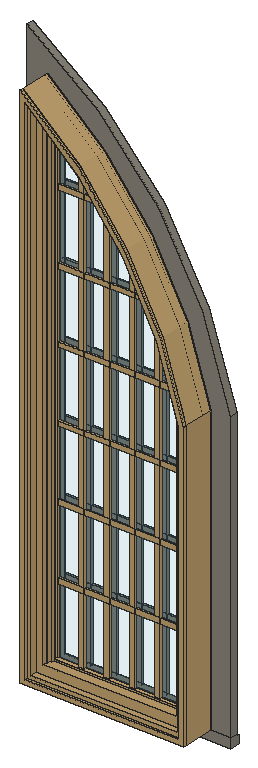
Revit family (continued)
Definition of nested family "Roundtop_Section_Detail"
  Definition of nested family "Head_Detail"
    Lines and regions (in)
      detail lines, style "Cut Lines", in view "Ref. Level"
        curve 5: line (0.39248, -0.625, 0) -> (-1.09401, -0.52105, 0)
        curve 6: line (0.39248, -0.625, 0) -> (2, -0.625, 0)
        curve 12: line (3.53074, -1.188, 0) -> (3.53074, -2.1255, 0)
        curve 13: line (3.53074, -2.1255, 0) -> (2.87449, -2.1255, 0)
        curve 14: line (2.87449, -2.313, 0) -> (2.34399, -2.313, 0)
        curve 15: line (2.34399, -2.5005, 0) -> (2, -2.5005, 0)
        curve 16: line (2.87449, -2.1255, 0) -> (2.87449, -2.313, 0)
        curve 17: line (0.53125, -0.8125, 0) -> (0.53125, -1.188, 0)
        curve 18: line (0.125, -0.8125, 0) -> (0.53125, -0.8125, 0)
        curve 19: line (0.125, -2.696, 0) -> (0.125, -0.8125, 0)
        curve 20: line (0.2358, -2.696, 0) -> (0.125, -2.696, 0)
        curve 21: line (0.44605, -2.90625, 0) -> (0.2358, -2.696, 0)
        curve 22: line (0.47297, -2.208, 0) -> (0.47297, -2.90625, 0)
        curve 23: line (1.50299, -2.208, 0) -> (0.47297, -2.208, 0)
        curve 24: line (1.50299, -2.90625, 0) -> (1.50299, -2.208, 0)
        curve 25: line (1.66374, -2.90625, 0) -> (1.50299, -2.90625, 0)
        curve 26: line (2, -2.677, 0) -> (1.89299, -2.677, 0)
        curve 27: line (2, -0.625, 0) -> (2, -2.677, 0)
        curve 28: line (0.47297, -2.90625, 0) -> (0.44605, -2.90625, 0)
        curve 29: line (1.89299, -2.677, 0) -> (1.66374, -2.90625, 0)
        curve 30: line (2.34399, -2.5005, 0) -> (2.34399, -2.313, 0)
        curve 31: line (1.31549, -2.45402, 0) -> (0.69049, -2.45402, 0)
        curve 32: line (1.31549, -2.6605, 0) -> (0.69049, -2.6605, 0)
        curve 33: line (1.50299, -2.353, 0) -> (1.31549, -2.353, 0)
        curve 34: line (0.69049, -2.353, 0) -> (0.50199, -2.353, 0)
      detail lines, style "Cut Lines", in view "Ref. Level", visible <- "Flange"
        curve 7: line (0, 1.5, 0) -> (0, 0.15, 0)
        curve 8: line (-0.04501, 0, 0) -> (-0.04501, 1.5, 0)
        curve 9: line (-0.04501, 1.5, 0) -> (0, 1.5, 0)
        curve 10: line (0.10999, 0.15, 0) -> (0.10999, 0, 0)
        curve 11: line (0, 0.15, 0) -> (0.10999, 0.15, 0)
    Dimensions and locks (in)
      aligned and locked: curve 25 to curve 28
      aligned and locked: curve 24 to curve 33
  Definition of nested family "Sill_Detail"
    Parameters (values of type "Jamb_Detail")
      Flange = yes
      Assembly Code = ""
    Reference planes (in)
      plane 1 "Center (Front/Back)": y = 0
      plane 2: z = 0
      plane 3 "Center (Left/Right)": x = 0
    Lines and regions (in)
      detail lines, style "Cut Lines", in view "Ref. Level"
        curve 1: line (4.56199, 0, 0) -> (4.56199, 1.188, 0)
        curve 2: line (-1.09401, 0, 0) -> (4.56199, 0, 0)
        curve 3: line (4.56199, 1.188, 0) -> (0.53125, 1.188, 0)
        curve 4: line (-1.09401, 0.52105, 0) -> (-1.09401, 0, 0)
        curve 5: line (0.39248, 0.625, 0) -> (-1.09401, 0.52105, 0)
        curve 6: line (0.39248, 0.625, 0) -> (2, 0.625, 0)
        curve 12: line (3.53074, 1.188, 0) -> (3.53074, 2.5005, 0)
        curve 13: line (3.53074, 2.5005, 0) -> (2, 2.5005, 0)
        curve 14: line (0.53125, 0.8125, 0) -> (0.53125, 1.188, 0)
        curve 15: line (0.125, 0.8125, 0) -> (0.53125, 0.8125, 0)
        curve 16: line (0.125, 2.696, 0) -> (0.125, 0.8125, 0)
        curve 17: line (0.2358, 2.696, 0) -> (0.125, 2.696, 0)
        curve 18: line (0.44605, 2.90625, 0) -> (0.2358, 2.696, 0)
        curve 19: line (0.47297, 2.208, 0) -> (0.47297, 2.90625, 0)
        curve 20: line (1.50299, 2.208, 0) -> (0.47297, 2.208, 0)
        curve 21: line (1.50299, 2.90625, 0) -> (1.50299, 2.208, 0)
        curve 22: line (1.66374, 2.90625, 0) -> (1.50299, 2.90625, 0)
        curve 23: line (2, 2.677, 0) -> (1.89299, 2.677, 0)
        curve 24: line (2, 0.625, 0) -> (2, 2.677, 0)
        curve 25: line (0.47297, 2.90625, 0) -> (0.44605, 2.90625, 0)
        curve 26: line (1.89299, 2.677, 0) -> (1.66374, 2.90625, 0)
        curve 27: line (1.31549, 2.45402, 0) -> (0.69049, 2.45402, 0)
        curve 28: line (1.31549, 2.6605, 0) -> (0.69049, 2.6605, 0)
        curve 29: line (1.50299, 2.353, 0) -> (1.31549, 2.353, 0)
        curve 30: line (0.69049, 2.353, 0) -> (0.50199, 2.353, 0)
      detail lines, style "Cut Lines", in view "Ref. Level", visible <- "Flange"
        curve 7: line (0, -1.5, 0) -> (0, -0.15, 0)
        curve 8: line (-0.04501, 0, 0) -> (-0.04501, -1.5, 0)
        curve 9: line (-0.04501, -1.5, 0) -> (0, -1.5, 0)
        curve 10: line (0.10999, -0.15, 0) -> (0.10999, 0, 0)
        curve 11: line (0, -0.15, 0) -> (0.10999, -0.15, 0)
